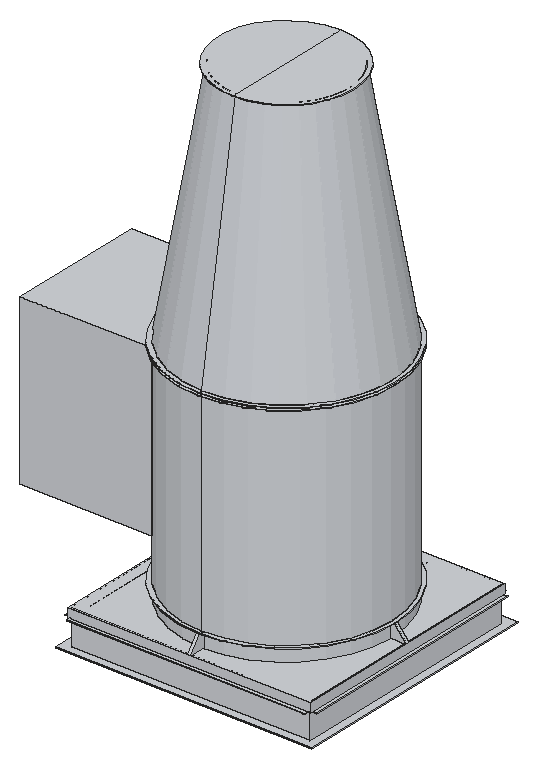
Revit family "TCNHBLE", category Mechanical Equipment, Revit 2019
Family settings
  Round Connector Dimension = Use Diameter
  Part Type = Normal
  Work Plane-Based = No
  Always vertical = Yes
  Cut with Voids When Loaded = No
  Shared = No
  Room Calculation Point = No
Parameters (values of type "490_TCNHBLE")
  Unit Weight [instance] = ""
  Sones [instance] = ""
  RO/2 = RO / 2  # 3' - 2 1/4"
  RO = 6' - 4 1/2"
  Nozzle [instance] = ""
  Motor RPM [instance] = ""
  Motor Enclosure [instance] = ""
  ModelID [instance] = ""
  LwA [instance] = ""
  Fan RPM [instance] = ""
  FAN_RAD*.8 = FAN_RAD * 0.6  # 1' - 9.9"
  FAN_RAD*.33 = FAN_RAD * 0.66  # 2' - 0.09"
  FAN_RAD = FAN_DIA / 2  # 3' - 0 1/2"
  FAN_DIA = 6' - 1"
  E = 7' - 0"
  D-1" = D - 0' 1"  # 7' - 2"
  D = 7' - 3"
  CURB_HEIGHT [instance] = 1' - 0"
  CURB [instance] = yes
  C/2 = C / 2  # 3' - 5"
  C = 6' - 10"
  B/2 = B / 2  # 3' - 5 3/8"
  B = 6' - 10 3/4"
  Accessories [instance] = ""
  A-C-D = A - C - D + 0' 1"  # 0' - 0 3/4"
  A = 14' - 0 3/4"
  5" = 0' - 5"  # constant formula
  3.125" = 0' - 3 1/8"  # constant formula
  3" = 0' - 3"  # constant formula
  Brake Hp [instance] = ""
  4" = 0' - 4"  # constant formula
  2' = 2' - 0"
  2" = 0' - 2"  # constant formula
  1" = 0' - 1"  # constant formula
  0 = 0' - 0"  # constant formula
  Voltage [instance] = 0 V
  URL = "www.lorencook.com"
  Type Comments = "Tubular Centrifugal Inline Upblast Roof Mounted Arrangement 9"  # constant formula
  Static Pressure [instance] = 0.00 in-wg
  Power [instance] = Voltage * Motor FLA * sqrt(if(Phase = 3, 3, 1))  # 0 VA
  Phase [instance] = 0
  Number of Poles [instance] = 1
  Motor Hp [instance] = "0"
  Motor FLA [instance] = 0 A
  Model = "TCNHBLE"  # constant formula
  Manufacturer = "Loren Cook Company"
  CFM [instance] = 0 CFM
  1.5 = 0' - 1 1/2"  # constant formula
  ONE EIGTH = 0' - 0 1/8"  # constant formula
  (E/2)+.125" = (E / 2) + 0' 0 1/8"  # 3' - 6 1/8"
  (C-8")*.8 = -(C - 0' 8") * 0.8  # -4' - 11.2"
Types (18): name | RO/2 | RO | FAN_RAD*.8 | FAN_RAD*.33 | FAN_RAD | FAN_DIA | E | D-1" | D | C/2 | C | B/2 | B | A-C-D | A | (E/2)+.125" | (C-8")*.8
  (no name) | 3' - 2 1/4" | 6' - 4 1/2" | 1' - 9.9" | 2' - 0.09" | 3' - 0 1/2" | 6' - 1" | 7' - 0" | 7' - 2" | 7' - 3" | 3' - 5" | 6' - 10" | 3' - 5 3/8" | 6' - 10 3/4" | 0' - 0 3/4" | 14' - 0 3/4" | 3' - 6 1/8" | -4' - 11.2"
  100_TCNHBLE | 0' - 8 13/32" | 1' - 4 13/16" | 0' - 4.8" | 0' - 5.28" | 0' - 8" | 1' - 4" | 2' - 0" | 1' - 7" | 1' - 8" | 1' - 4" | 2' - 8" | 0' - 11 17/32" | 1' - 11 1/16" | 5' - 9" | 10' - 0" | 1' - 0 1/8" | -1' - 7.2"
  120_TCNHBLE | 0' - 10 13/32" | 1' - 8 13/16" | 0' - 5.4" | 0' - 5.94" | 0' - 9" | 1' - 6" | 2' - 4" | 1' - 9" | 1' - 10" | 1' - 4 1/2" | 2' - 9" | 1' - 1 17/32" | 2' - 3 1/16" | 5' - 6" | 10' - 0" | 1' - 2 1/8" | -1' - 8"
  135_TCNHBLE | 0' - 11 3/8" | 1' - 10 3/4" | 0' - 6.3" | 0' - 6.93" | 0' - 10 1/2" | 1' - 9" | 2' - 6" | 2' - 1" | 2' - 2" | 1' - 5" | 2' - 10" | 1' - 2 1/2" | 2' - 5" | 5' - 1" | 10' - 0" | 1' - 3 1/8" | -1' - 8.8"
  150_TCNHBLE | 1' - 0 3/8" | 2' - 0 3/4" | 0' - 7.2" | 0' - 7.92" | 1' - 0" | 2' - 0" | 2' - 8" | 2' - 4" | 2' - 5" | 1' - 6 1/4" | 3' - 0 1/2" | 1' - 3 1/2" | 2' - 7" | 4' - 7 1/2" | 10' - 0" | 1' - 4 1/8" | -1' - 10.8"
  165_TCNHBLE | 1' - 1 3/8" | 2' - 2 3/4" | 0' - 7.8" | 0' - 8.58" | 1' - 1" | 2' - 2" | 2' - 10" | 2' - 5" | 2' - 6" | 1' - 7" | 3' - 2" | 1' - 4 1/2" | 2' - 9" | 4' - 5" | 10' - 0" | 1' - 5 1/8" | -2' - 0"
  180_TCNHBLE | 1' - 3 5/16" | 2' - 6 5/8" | 0' - 8.4" | 0' - 9.24" | 1' - 2" | 2' - 4" | 3' - 2" | 2' - 10" | 2' - 11" | 1' - 8 1/4" | 3' - 4 1/2" | 1' - 6 7/16" | 3' - 0 7/8" | 3' - 9 1/2" | 10' - 0" | 1' - 7 1/8" | -2' - 2"
  195_TCNHBLE | 1' - 5 11/32" | 2' - 10 11/16" | 0' - 9.3" | 0' - 10.23" | 1' - 3 1/2" | 2' - 7" | 3' - 6" | 3' - 2" | 3' - 3" | 1' - 9 1/2" | 3' - 7" | 1' - 8 7/16" | 3' - 4 7/8" | 3' - 3" | 10' - 0" | 1' - 9 1/8" | -2' - 4"
  210_TCNHBLE | 1' - 6 11/32" | 3' - 0 11/16" | 0' - 10.2" | 0' - 11.22" | 1' - 5" | 2' - 10" | 3' - 8" | 3' - 5" | 3' - 6" | 1' - 9 3/4" | 3' - 7 1/2" | 1' - 9 7/16" | 3' - 6 7/8" | 2' - 11 1/2" | 10' - 0" | 1' - 10 1/8" | -2' - 4.4"
  225_TCNHBLE | 1' - 8 11/32" | 3' - 4 11/16" | 0' - 10.8" | 0' - 11.88" | 1' - 6" | 3' - 0" | 4' - 0" | 3' - 7" | 3' - 8" | 1' - 10 1/2" | 3' - 9" | 1' - 11 7/16" | 3' - 10 7/8" | 2' - 8" | 10' - 0" | 2' - 0 1/8" | -2' - 5.6"
  245_TCNHBLE | 1' - 9 11/32" | 3' - 6 11/16" | 1' - 0" | 1' - 1.2" | 1' - 8" | 3' - 4" | 4' - 2" | 4' - 1" | 4' - 2" | 2' - 1 1/4" | 4' - 2 1/2" | 2' - 0 7/16" | 4' - 0 7/8" | 1' - 8 1/2" | 10' - 0" | 2' - 1 1/8" | -2' - 10"
  270_TCNHBLE | 1' - 11 11/32" | 3' - 10 11/16" | 1' - 1.2" | 1' - 2.52" | 1' - 10" | 3' - 8" | 4' - 6" | 4' - 7" | 4' - 8" | 2' - 4" | 4' - 8" | 2' - 2 7/16" | 4' - 4 7/8" | 0' - 9" | 10' - 0" | 2' - 3 1/8" | -3' - 2.4"
  300_TCNHBLE | 2' - 2 11/32" | 4' - 4 11/16" | 1' - 2.4" | 1' - 3.84" | 2' - 0" | 4' - 0" | 5' - 0" | 4' - 11" | 5' - 0" | 2' - 4 3/4" | 4' - 9 1/2" | 2' - 5 7/16" | 4' - 10 7/8" | 0' - 5 1/2" | 10' - 2" | 2' - 6 1/8" | -3' - 3.6"
  330_TCNHBLE | 2' - 3 9/32" | 4' - 6 9/16" | 1' - 3.6" | 1' - 5.16" | 2' - 2" | 4' - 4" | 5' - 2" | 5' - 3" | 5' - 4" | 2' - 6 3/4" | 5' - 1 1/2" | 2' - 6 3/8" | 5' - 0 3/4" | 0' - 0 3/4" | 10' - 5 1/4" | 2' - 7 1/8" | -3' - 6.8"
  365_TCNHBLE | 2' - 4 25/32" | 4' - 9 9/16" | 1' - 4.2" | 1' - 5.82" | 2' - 3" | 4' - 6" | 5' - 5" | 5' - 4" | 5' - 5" | 2' - 7 3/4" | 5' - 3 1/2" | 2' - 7 7/8" | 5' - 3 3/4" | 0' - 0 3/4" | 10' - 8 1/4" | 2' - 8 5/8" | -3' - 8.4"
  402_TCNHBLE | 2' - 8 9/32" | 5' - 4 9/16" | 1' - 6" | 1' - 7.8" | 2' - 6" | 5' - 0" | 6' - 0" | 5' - 11" | 6' - 0" | 2' - 10 1/2" | 5' - 9" | 2' - 11 3/8" | 5' - 10 3/4" | 0' - 0 3/4" | 11' - 8 3/4" | 3' - 0 1/8" | -4' - 0.8"
  445_TCNHBLE | 2' - 10 25/32" | 5' - 9 9/16" | 1' - 7.8" | 1' - 9.78" | 2' - 9" | 5' - 6" | 6' - 5" | 6' - 7" | 6' - 8" | 3' - 1 3/4" | 6' - 3 1/2" | 3' - 1 7/8" | 6' - 3 3/4" | 0' - 0 3/4" | 12' - 11 1/4" | 3' - 2 5/8" | -4' - 6"
  490_TCNHBLE | 3' - 2 1/4" | 6' - 4 1/2" | 1' - 9.9" | 2' - 0.09" | 3' - 0 1/2" | 6' - 1" | 7' - 0" | 7' - 2" | 7' - 3" | 3' - 5" | 6' - 10" | 3' - 5 3/8" | 6' - 10 3/4" | 0' - 0 3/4" | 14' - 0 3/4" | 3' - 6 1/8" | -4' - 11.2"
Reference planes (in)
  plane 1 "Center (Front/Back)": y = 0
  plane 2: z = 0
  plane 3 "Center (Left/Right)": x = 0.40541
Forms (in)
  Extrusion 1, solid
    sketch origin (0, 0, 0) x (1, 0, 0) y (0, 1, 0)
      loop
        line (-41.71959, 42.125) -> (-41.71959, -42.125) -> (42.53041, -42.125) -> (42.53041, 42.125) -> (-41.71959, 42.125)
    from 3 to 0
  Extrusion 2, void
    sketch origin (0, 0, 0) x (1, 0, 0) y (0, 1, 0)
      loop
        line (-41.59459, 42) -> (-41.59459, -42) -> (42.40541, -42) -> (42.40541, 42) -> (-41.59459, 42)
    from 2.875 to 0
  Extrusion 3, solid
    sketch origin (0, 0, 3) x (1, 0, 0) y (0, 1, 0)
      loop
        circle (0.40541, 0) r 36.5
    from 5 to 0
  Extrusion 4, solid
    sketch origin (0, 0, 0) x (1, 0, 0) y (0, 0, 1)
      loop
        line (-41.71959, 3) -> (-36.09459, 3) -> (-36.09459, 8) -> (-37.59459, 8) -> (-41.71959, 3)
      loop
        line (42.53041, 3) -> (38.40541, 8) -> (36.90541, 8) -> (36.90541, 3) -> (42.53041, 3)
    from -0.5 to 0.5
  Extrusion 5, solid
    sketch origin (0.40541, 0, 0) x (0, 1, 0) y (0, 0, 1)
      loop
        line (42.125, 3) -> (38, 8) -> (36.5, 8) -> (36.5, 3) -> (42.125, 3)
      loop
        line (-42.125, 3) -> (-36.5, 3) -> (-36.5, 8) -> (-38, 8) -> (-42.125, 3)
    from -0.5 to 0.5
  Revolve 6, solid
    sketch origin (0.40541, 0, 0) x (0, 1, 0) y (0, 0, 1)
      loop
        line (0, 8) -> (0, 168.75) -> (-23.4, 168.75) -> (-23.4, 168.625) -> (-21.9, 168.625) -> (-36.5, 82.875) -> (-38, 82.875) -> (-38, 82.75) -> (-36.5, 82.75) -> (-36.5, 82) -> (-38, 82) -> (-38, 81.875) -> (-36.5, 81.875) -> (-36.5, 8.125) -> (-38, 8.125) -> (-38, 8) -> (0, 8)
      axis (0, 8) -> (0, 168.75)
    angle from 0 to 360
  Extrusion 7, solid
    sketch origin (0.40541, 0, 82) x (-1, 0, 0) y (0, -1, 0)
      loop
        line (27.42119, -24.09) -> (73, -24.09) -> (73, 24.09) -> (27.42119, 24.09)
        arc (27.42119, 24.09) -> (36.5, 0) -> (27.42119, -24.09) r 36.5
    from -59.2 <- "(C-8")*.8" to -1
  Extrusion 8, solid
    sketch origin (0, 0, 0) x (1, 0, 0) y (0, 1, 0)
      loop
        line (42.53041, 41.375) -> (42.53041, -41.375) -> (44.03041, -41.375) -> (44.03041, 41.375) -> (42.53041, 41.375)
      loop
        line (-40.96959, 42.125) -> (41.78041, 42.125) -> (41.78041, 43.625) -> (-40.96959, 43.625) -> (-40.96959, 42.125)
      loop
        line (-43.21959, 41.375) -> (-43.21959, -41.375) -> (-41.71959, -41.375) -> (-41.71959, 41.375) -> (-43.21959, 41.375)
      loop
        line (-40.96959, -42.125) -> (-40.96959, -43.625) -> (41.78041, -43.625) -> (41.78041, -42.125) -> (-40.96959, -42.125)
    from 0 to 0.125
  Extrusion 9, solid, visible <- "CURB"
    sketch origin (0, 0, 2.875) x (0, 1, 0) y (1, 0, 0)
      loop
        line (38.25, -37.84459) -> (38.25, 38.65541) -> (-38.25, 38.65541) -> (-38.25, -37.84459) -> (38.25, -37.84459)
      loop
        line (-41.375, 41.78041) -> (-41.375, -40.96959) -> (41.375, -40.96959) -> (41.375, 41.78041) -> (-41.375, 41.78041)
    from 0 to 12 <- "CURB_HEIGHT"
  Extrusion 10, solid, visible <- "CURB"
    sketch origin (0, 0, -9.125) x (-1, 0, 0) y (0, 1, 0)
      loop
        line (40.96959, -41.375) -> (40.96959, 41.375) -> (-41.78041, 41.375) -> (-41.78041, -41.375) -> (40.96959, -41.375)
      loop
        line (-44.90541, 44.5) -> (-44.90541, -44.5) -> (44.09459, -44.5) -> (44.09459, 44.5) -> (-44.90541, 44.5)
    from 0 to -0.125
Cuts and joins
  Extrusion 2 cuts Extrusion 1
Dimensions and locks (in)
  "(E/2)+.125"": Extrusion 1 sketch curve to plane 3 "Center (Left/Right)"
  "(E/2)+.125"": plane 3 "Center (Left/Right)" to Extrusion 1 sketch curve
  "(E/2)+.125"": plane 1 "Center (Front/Back)" to Extrusion 1 sketch curve
  "(E/2)+.125"": Extrusion 1 sketch curve to plane 1 "Center (Front/Back)"
  "ONE EIGTH": Extrusion 1 to Extrusion 2 sketch curve  (x2)
  "ONE EIGTH": Extrusion 2 sketch curve to Extrusion 1  (x2)
  "0": plane 3 "Center (Left/Right)" to Extrusion 3 sketch curve
  "0": Extrusion 3 sketch curve to plane 1 "Center (Front/Back)"
  "0": Extrusion 3 to Extrusion 4 sketch curve
  "0": Extrusion 4 sketch curve to Extrusion 3  (x3)
  "0": Extrusion 4 sketch curve to cut or joined group of Extrusion 1, Extrusion 2  (x4)
  "0": Extrusion 5 sketch curve to cut or joined group of Extrusion 1, Extrusion 2  (x3)
  "FAN_RAD": plane 1 "Center (Front/Back)" to Extrusion 5 sketch curve
  "FAN_RAD": Extrusion 5 sketch curve to plane 1 "Center (Front/Back)"
  "0": Revolve 6 sketch curve to Extrusion 3
  "ONE EIGTH": Revolve 6 sketch curve to Revolve 6 sketch curve  (x4)
  "D-1"": Revolve 6 sketch curve to Revolve 6 sketch curve
  "A": Revolve 6 sketch curve to level
  "C": Revolve 6 sketch curve to level
  "0": Revolve 6 sketch curve to Extrusion 5
  "0": Revolve 6 sketch curve to Revolve 6 sketch curve  (x3)
  "1.5": Revolve 6 sketch curve to Revolve 6 sketch curve  (x2)
  "FAN_RAD*.8": plane 1 "Center (Front/Back)" to Revolve 6 sketch curve
  "0": Revolve 6 sketch curve to plane 1 "Center (Front/Back)"
  "5"": Extrusion 5 sketch curve to cut or joined group of Extrusion 1, Extrusion 2  (x2)
  "1.5": Extrusion 5 sketch curve to Extrusion 5 sketch curve  (x2)
  "0": cut or joined group of Extrusion 1, Extrusion 2 to Extrusion 5 sketch curve
  "1.5": Extrusion 4 sketch curve to Extrusion 4 sketch curve  (x2)
  "0": Extrusion 7 sketch curve to plane 3 "Center (Left/Right)"
  "0": Extrusion 7 sketch curve to plane 1 "Center (Front/Back)"
  "FAN_RAD*.33": Extrusion 7 sketch curve to plane 1 "Center (Front/Back)"  (x2)
  "FAN_DIA": Extrusion 7 sketch curve to plane 3 "Center (Left/Right)"
  "1.5": Extrusion 8 sketch curve to Extrusion 8 sketch curve  (x4)
  "B/2": plane 1 "Center (Front/Back)" to Extrusion 8 sketch curve  (x3)
  "B/2": Extrusion 8 sketch curve to plane 3 "Center (Left/Right)"  (x2)
  "B/2": plane 3 "Center (Left/Right)" to Extrusion 8 sketch curve  (x2)
  "B/2": Extrusion 8 sketch curve to plane 1 "Center (Front/Back)"
  "(E/2)+.125"": Extrusion 8 sketch curve to plane 3 "Center (Left/Right)"
  "(E/2)+.125"": plane 1 "Center (Front/Back)" to Extrusion 8 sketch curve
  "(E/2)+.125"": Extrusion 8 sketch curve to plane 1 "Center (Front/Back)"
  "(E/2)+.125"": plane 3 "Center (Left/Right)" to Extrusion 8 sketch curve
  "3.125"": Extrusion 9 sketch curve to Extrusion 9 sketch curve  (x4)
  "RO/2": Extrusion 9 sketch curve to plane 3 "Center (Left/Right)"
  "RO/2": plane 3 "Center (Left/Right)" to Extrusion 9 sketch curve
  "RO/2": plane 1 "Center (Front/Back)" to Extrusion 9 sketch curve
  "RO/2": Extrusion 9 sketch curve to plane 1 "Center (Front/Back)"
  "3.125"": Extrusion 10 sketch curve to Extrusion 10 sketch curve  (x4)
  "0": Extrusion 10 sketch curve to Extrusion 9  (x3)
  "0": Extrusion 9 to Extrusion 10 sketch curve
  "FAN_RAD": radius of Extrusion 3 sketch curve
  "FAN_RAD": radius of Extrusion 7 sketch curve
Automatic sketch dimensions
  Revolve 6 sketch curve to plane 1 "Center (Front/Back)" = 0' - 0"
  Revolve 6 sketch curve to level = 0' - 0"
  Revolve 6 sketch curve to Revolve 6 sketch curve = 0' - 0"
  Revolve 6 sketch curve to Revolve 6 sketch curve = 0' - 9"
  Extrusion 7 sketch curve to Extrusion 7 sketch curve = 0' - 0"
Connectors (in)
  electrical at (-49.80518, 0, 22.8)
    settings: on Extrusion 7, index 1, voltage 0 V, apparent load 0 VA, apparent load phase1 0 VA, apparent load phase2 0 VA, apparent load phase3 0 VA, power factor 1, load classification "Other", number of poles 1, system type 31, power factor state 1, is connector primary yes, connector utility no, sub classification motor no, connector description ""
  hvac at (0.40541, 0, 2.875), driven by "CFM", driven by "RO", driven by "RO"
    settings: on cut or joined group of Extrusion 1, Extrusion 2, index 2, duct flow 0 CFM, flow factor 0, pres drop 0.00 in-wg, loss coef 0, conn angle 0.00°, conn width 76 1/2", conn height 76 1/2", conn diameter 24", duct sys type 3, conn prof type 1, flow config 0, flow direction 1, loss method 0, conn ref index -1, conn util no, is conn primary yes, conn desc ""
